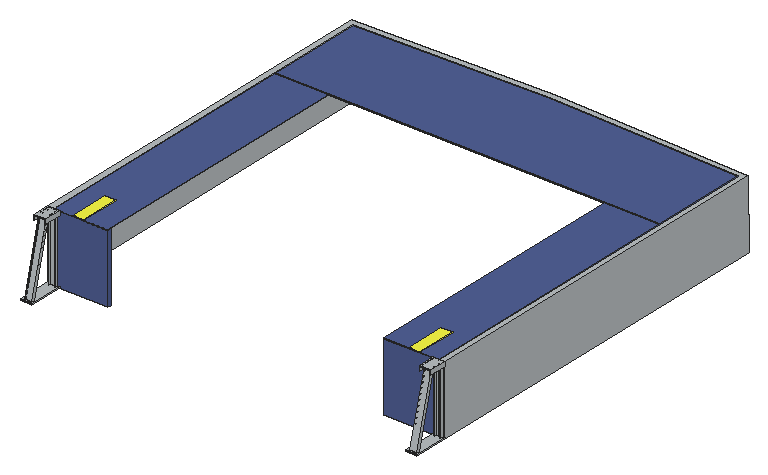
Revit family "SX551", category Generic Models, Revit 2023
Family settings
  Can host rebar = No
  Round Connector Dimension = Use Diameter
  Part Type = Normal
  OmniClass Number = 23.50.70.00
  OmniClass Title = Loading Dock Equipment
  Work Plane-Based = Yes
  Always vertical = No
  Cut with Voids When Loaded = No
  Maintain Annotation Orientation = No
  Shared = No
  Room Calculation Point = No
Parameters
  offset [instance] = 0' - 10 3/4"
  Warranty Duration (Years) = 0
  Vertical Strip [instance] = yes
  Unit Width [instance] = 11' - 6"
  Unit Height [instance] = 11' - 0"
  Unit Depth_Base [instance] = Unit Depth  # 2' - 0"
  Unit Depth = 2' - 0"
  URL = ""
  Strip Length [instance] = 1' - 2"
  Steel Protective Guards [instance] = yes
  Specification = ""
  SpecWizard = ""
  Send Message = ""
  Sales Information = "http://www.OVERHEADDOOR.COM"
  Revision = "R1_07-2011"
  Product Properties = ""
  Product Data = "http://www.OVERHEADDOOR.COM"
  Peak Height = 0' - 2"
  Panel Material = Plastic - Vinyl - Blue
  Inward Projection [instance] = (Unit Width - Clear Width) / 2  # 1' - 9"
  Drop [instance] = Unit Height - Clear Height  # 3' - 0"
  Model = ""
  Material = Metal - Steel - Galvanized
  Manufacturer Website = "http://www.OVERHEADDOOR.COM"
  Manufacturer Phone - Toll Free = "1-800-929-3667"
  Manufacturer Phone = ""
  Manufacturer Fax = ""
  Manufacturer Address = ""
  Manufacturer = ""
  Maintenance Schedule (Months) = 0
  Keynote = ""
  Installation-Fabrication = ""
  Installation Phase = ""
  Green Building-LEED = ""
  Expected Lifespan (Years) = 0
  Drawn By = ""
  Description = ""
  Default Elevation = 4' - 0"
  Copyright = ""
  Construction Details = "http://www.OVERHEADDOOR.COM"
  Clear Width [instance] = 8' - 0"
  Clear Height [instance] = 8' - 0"
  Bottom Draft Pads [instance] = yes
  Assembly Code = ""
Reference planes (in)
  plane 1 "Center (Front/Back)": y = 0
  plane 2 "Bottom": z = 0
  plane 3 "Center (Left/Right)": x = 0
  plane 4 "Front": y = -66
  plane 5 "Back": y = 66
  plane 6 "Left": x = -69
  plane 7 "Right": x = 69
  plane 8 "Top": z = 24
  plane 9: x = -48
  plane 10: x = 48
  plane 11: y = 30
  plane 12: z = 24
  plane 13: y = -66
  plane 14: x = -58.5
  plane 15: x = 58.5
  plane 16: y = -18
  plane 17: y = 68
  plane 18: y = 64
  plane 19: y = 66
  plane 20: x = 67
  plane 21: x = -67
Forms (in)
  Sweep 1, solid, material "Plastic - Vinyl - Super Seal - Yellow", visible <- "Vertical Strip"
    path origin (-58.5, 53.619, 48) x (0, 1, 0) y (0, 0, 1)
      loop
        line (-105.619, -24) -> (-119.619, -24)
    profile origin (-58.5, -59, 24) x (0, 0, -1) y (1, 0, 0)
      loop
        line (0, -2) -> (0, 2) -> (-0.0625, 2) -> (-0.0625, -2) -> (0, -2)
  Sweep 2, solid, material "Plastic - Vinyl - Super Seal - Yellow", visible <- "Vertical Strip"
    path origin (58.5, 53.619, 48) x (0, 1, 0) y (0, 0, 1)
      loop
        line (-105.619, -24) -> (-119.619, -24)
    profile origin (58.5, -59, 24) x (0, 0, -1) y (1, 0, 0)
      loop
        line (0, -2) -> (0, 2) -> (-0.06267, 2) -> (-0.06267, -2) -> (0, -2)
  Extrusion 3, solid, material "Plastic - Vinyl - Blue" <- "Panel Material"
    sketch origin (-51.28596, -180, 24) x (-1, 0, 0) y (0, -1, 0)
      loop
        line (15.71404, -210) -> (-118.28596, -210) -> (-118.28596, -244) -> (-51.28596, -246) -> (15.71404, -244) -> (15.71404, -210)
    from 0 to -0.125
  Sweep 4, solid, material "Metal - Steel - Galvanized" <- "Material"
    path origin (0, 0, 0) x (1, 0, 0) y (0, 1, 0)
      loop
        line (-69, -66) -> (-69, 66) -> (0, 68) -> (69, 66) -> (69, -66)
    profile origin (-69, 0, 0) x (-1, 0, 0) y (0, 0, 1)
      loop
        line (0, 0) -> (0, 24) -> (-2, 24) -> (-2, 0) -> (0, 0)
  Extrusion 5, solid, material "Plastic - Vinyl - Blue" <- "Panel Material"
    sketch origin (-51.28596, -180, 24) x (-1, 0, 0) y (0, -1, 0)
      loop
        line (15.71404, -210) -> (15.71404, -114) -> (-3.28596, -114) -> (-3.28596, -210) -> (15.71404, -210)
      loop
        line (-99.28596, -210) -> (-99.28596, -114) -> (-118.28596, -114) -> (-118.28596, -210) -> (-99.28596, -210)
    from 0 to -0.125
  Extrusion 6, solid, material "Plastic - Vinyl - Blue" <- "Panel Material", visible <- "Bottom Draft Pads"
    sketch origin (0, 0, 0) x (1, 0, 0) y (0, 1, 0)
      loop
        line (-67, -66) -> (-48, -66) -> (-48, -65) -> (-67, -60.6135) -> (-67, -66)
      loop
        line (67, -66) -> (67, -60.6135) -> (48, -65) -> (48, -66) -> (67, -66)
    from 0 to 23.75
Lines and regions (in)
  reference lines
    curve 1: line (-58.5, 66, 24) -> (-58.5, -66, 24)
    curve 2: line (-58.5, 30, 24) -> (-74.75, 30, 24)
Dimensions and locks (in)
  equal spacing: plane 6 "Left", plane 3 "Center (Left/Right)", plane 7 "Right"
  "Unit Width": plane 6 "Left" to plane 7 "Right"
  equal spacing: plane 5 "Back", plane 1 "Center (Front/Back)", plane 4 "Front"
  "Unit Height": plane 5 "Back" to plane 4 "Front"
  "Unit Depth": plane 8 "Top" to level
  equal spacing: plane 9, plane 3 "Center (Left/Right)", plane 10
  "Clear Width": plane 9 to plane 10
  "Clear Height": plane 11 to plane 4 "Front"
  "Unit Depth_Base": plane 12 to level
  locked: plane 4 "Front" to plane 13
  equal spacing: plane 10, plane 15, plane 7 "Right"
  equal spacing: plane 6 "Left", plane 14, plane 9
  "Strip Length": Sweep 1 sketch curve to Sweep 1 sketch curve
  equal spacing: plane 11, plane 16, plane 13
  "Strip Length": Sweep 2 sketch curve to Sweep 2 sketch curve
  "Drop": curve 1 to curve 2
  "Peak Height": plane 17 to plane 5 "Back"
  "Peak Height": plane 19 to plane 18
  locked: plane 5 "Back" to plane 18 at 2
  locked: plane 20 to plane 7 "Right" at 2
  locked: plane 6 "Left" to plane 21 at 2
  locked: curve 1 to Sweep 1 sketch curve
  locked: curve 1 to Sweep 2 sketch curve
  locked: plane 12 to Extrusion 6 at 0.25
  aligned and locked: curve 1 to Sweep 1 sketch curve
  aligned and locked: curve 1 to Sweep 2 sketch curve
  aligned and locked: plane 12 to Sweep 4 sketch curve
  aligned and locked: plane 4 "Front" to nested 2
  aligned and locked: plane 4 "Front" to nested 1
  aligned and locked: nested 1 to plane 6 "Left"
  aligned and locked: nested 2 to plane 7 "Right"
Automatic sketch dimensions
  Sweep 1 sketch curve to profile plane = 0' - 0"
  Sweep 1 sketch curve to Sweep 1 sketch curve = 0' - 0 1/16"
  Sweep 1 sketch curve to plane 14 = 0' - 2"
  plane 14 to Sweep 1 sketch curve = 0' - 2"
  Sweep 2 sketch curve to profile plane = 0' - 0"
  Sweep 2 sketch curve to Sweep 2 sketch curve = 0' - 0.06267"
  Sweep 2 sketch curve to plane 15 = 0' - 2"
  plane 15 to Sweep 2 sketch curve = 0' - 2"
  curve 1 to plane 12 = 0' - 0"
  curve 1 to plane 13 = 0' - 0"
  curve 1 to plane 5 "Back" = 0' - 0"
  curve 1 to plane 8 "Top" = 0' - 0"
  Sweep 4 sketch curve to plane 5 "Back" = 0' - 0"  (x2)
  Sweep 4 sketch curve to plane 6 "Left" = 0' - 0"
  Sweep 4 sketch curve to plane 3 "Center (Left/Right)" = 0' - 0"
  Sweep 4 sketch curve to plane 7 "Right" = 0' - 0"
  Sweep 4 sketch curve to plane 4 "Front" = 0' - 0"  (x2)
  Sweep 4 sketch curve to plane 17 = 0' - 0"
  Sweep 4 sketch curve to level = 0' - 0"
  Sweep 4 sketch curve to profile plane = 0' - 0"
  profile plane to Sweep 4 sketch curve = 0' - 2"
  Extrusion 3 sketch curve to plane 18 = 0' - 0"  (x2)
  Extrusion 3 sketch curve to plane 20 = 0' - 0"
  Extrusion 3 sketch curve to plane 3 "Center (Left/Right)" = 0' - 0"
  Extrusion 3 sketch curve to plane 21 = 0' - 0"
  Extrusion 3 sketch curve to plane 5 "Back" = 0' - 0"
  Extrusion 3 sketch curve to plane 11 = 0' - 0"
  Extrusion 5 sketch curve to plane 11 = 0' - 0"  (x2)
  Extrusion 5 sketch curve to plane 20 = 0' - 0"
  Extrusion 5 sketch curve to plane 4 "Front" = 0' - 0"  (x2)
  Extrusion 5 sketch curve to plane 10 = 0' - 0"
  Extrusion 5 sketch curve to plane 9 = 0' - 0"
  Extrusion 5 sketch curve to plane 21 = 0' - 0"
  Extrusion 6 sketch curve to plane 4 "Front" = 0' - 0"  (x2)
  Extrusion 6 sketch curve to plane 21 = 0' - 0"
  Extrusion 6 sketch curve to plane 9 = 0' - 0"
  Extrusion 6 sketch curve to plane 10 = 0' - 0"
  Extrusion 6 sketch curve to plane 20 = 0' - 0"
  plane 4 "Front" to Extrusion 6 sketch curve = 0' - 1"  (x2)
  plane 4 "Front" to Extrusion 6 sketch curve = 0' - 5.3865"  (x2)
  curve 2 to curve 1 = 0' - 0"
  curve 1 to curve 2 = 1' - 4 1/4"
Nested families (in)
  nested 1: "SteelGuard" at (-67, -72, 0), visible <- "Steel Protective Guards", type "Seal Flap"
    with offset 0' - 0", Material Metal - Steel - Galvanized
  nested 2: "SteelGuard" at (67, -72, 0), visible <- "Steel Protective Guards", type "Seal Flap"
    with offset 0' - 0", Material Metal - Steel - Galvanized
Definition of nested family "SteelGuard"
  Parameters
    offset [instance] = 0' - 0"
    Warranty Duration (Years) = 0
    Unit Width = 0' - 4"
    Unit Height = 1' - 0"
    Unit Depth = 2' - 0"
    URL = "http://www.supersealmfg.com/"
    Specification = ""
    SpecWizard = ""
    Send Message = "http://www.arcat.com/users.pl?action=UserEmail&company=Super-Seal%20Mfg.%20Ltd&coid=44693&rep=119&fax=905-850-4440 &mf="
    Sales Information = "http://www.supersealmfg.com/ContactUs.htm"
    Revision = "R1_07-2011"
    Product Properties = ""
    Product Data = "http://arcat.com/arcatcos/cos44/arc44693.html?isac=1&r=1"
    Model = "As Specified"
    Material [instance] = none
    Manufacturer Website = "http://www.supersealmfg.com/"
    Manufacturer Phone - Toll Free = "800-337-3239 "
    Manufacturer Phone = "800-337-3239 "
    Manufacturer Fax = "905-850-4440 "
    Manufacturer Address = "670 Rowntree Dairy Rd. Woodbridge , ON, Canada L4L-5T8"
    Manufacturer = "Super-Seal Mfg. Ltd"
    Maintenance Schedule (Months) = 0
    Keynote = ""
    Installation-Fabrication = ""
    Installation Phase = ""
    Green Building-LEED = ""
    Expected Lifespan (Years) = 0
    Drawn By = "Sumex Design, Inc. / Robert S. Weygant, CSI, CDT, SCIP"
    Description = "Super Seal"
    Default Elevation = 4' - 0"
    Copyright = "©Arcat Inc."
    Construction Details = "http://arcat.com/details/supersea/supersea.html?coid=44693"
    Assembly Code = ""
  Reference planes (in)
    plane 1 "Center (Front/Back)": y = 0
    plane 2 "Bottom": z = 0
    plane 3 "Center (Left/Right)": x = 0
    plane 4 "Front": y = -6
    plane 5 "Back": y = 6
    plane 6 "Left": x = -2
    plane 7 "Right": x = 2
    plane 8 "Top": z = 24
  Forms (in)
    Extrusion 1, solid, material <- "Material"
      sketch origin (0, 0, 0) x (1, 0, 0) y (0, 1, 0)
        loop
          line (-2, 6) -> (-2, -6) -> (2, -6) -> (2, 6) -> (-2, 6)
      from 0 to 0.25
    Extrusion 2, solid, material <- "Material"
      sketch origin (0, 6, 0) x (-1, 0, 0) y (0, 0, 1)
        loop
          line (2, 24) -> (-2, 24) -> (-2, 22.5) -> (-1.75, 22.5) -> (-1.75, 23.75) -> (1.75, 23.75) -> (1.75, 22.5) -> (2, 22.5) -> (2, 24)
      from 0 to -6
    Sweep 3, solid, material <- "Material"
      path origin (0, 0, 0) x (0, 1, 0) y (0, 0, 1)
        loop
          line (6, 0) -> (6, 23.75) -> (1.25, 23.75) -> (-4.99508, 0.25)
      profile origin (0, 6, 11.875) x (0, -1, 0) y (1, 0, 0)
        loop
          line (0, -1.25) -> (0.75, -1.25) -> (0.75, -1) -> (0.25, -1) -> (0.25, 1) -> (0.75, 1) -> (0.75, 1.25) -> (0, 1.25) -> (0, -1.25)
  Cuts and joins
    joined: Extrusion 1, Sweep 3
  Dimensions and locks (in)
    equal spacing: plane 6 "Left", plane 3 "Center (Left/Right)", plane 7 "Right"
    "Unit Width": plane 6 "Left" to plane 7 "Right"
    equal spacing: plane 5 "Back", plane 1 "Center (Front/Back)", plane 4 "Front"
    "Unit Height": plane 5 "Back" to plane 4 "Front"
    "Unit Depth": plane 8 "Top" to level
    aligned and locked: plane 1 "Center (Front/Back)" to Extrusion 2
  Automatic sketch dimensions
    Extrusion 1 sketch curve to plane 4 "Front" = 0' - 0"
    Extrusion 1 sketch curve to plane 6 "Left" = 0' - 0"
    Extrusion 1 sketch curve to plane 7 "Right" = 0' - 0"
    Extrusion 1 sketch curve to plane 5 "Back" = 0' - 0"
    Extrusion 2 sketch curve to plane 7 "Right" = 0' - 0"
    Extrusion 2 sketch curve to plane 6 "Left" = 0' - 0"
    Extrusion 2 sketch curve to plane 8 "Top" = 0' - 0"
    Extrusion 2 sketch curve to plane 7 "Right" = 0' - 0 1/4"
    Extrusion 2 sketch curve to Extrusion 2 sketch curve = 0' - 0 1/4"
    Extrusion 2 sketch curve to plane 8 "Top" = 0' - 0 1/4"
    Extrusion 2 sketch curve to Extrusion 2 sketch curve = 0' - 1 1/4"  (x2)
    Sweep 3 sketch curve to plane 1 "Center (Front/Back)" = 0' - 1 1/4"
    Sweep 3 sketch curve to plane 5 "Back" = 0' - 0"
    Sweep 3 sketch curve to level = 0' - 0"
    level to Sweep 3 sketch curve = 0' - 0 1/4"
    plane 4 "Front" to Sweep 3 sketch curve = 0' - 1.00492"
    Sweep 3 sketch curve to plane 8 "Top" = 0' - 0 1/4"
    Sweep 3 sketch curve to profile plane = 0' - 0"
    Sweep 3 sketch curve to profile plane = 0' - 0 1/4"
    Sweep 3 sketch curve to Sweep 3 sketch curve = 0' - 0 1/2"  (x2)
    Sweep 3 sketch curve to plane 3 "Center (Left/Right)" = 0' - 1"
    Sweep 3 sketch curve to Sweep 3 sketch curve = 0' - 0 1/4"  (x2)
    plane 3 "Center (Left/Right)" to Sweep 3 sketch curve = 0' - 1"
